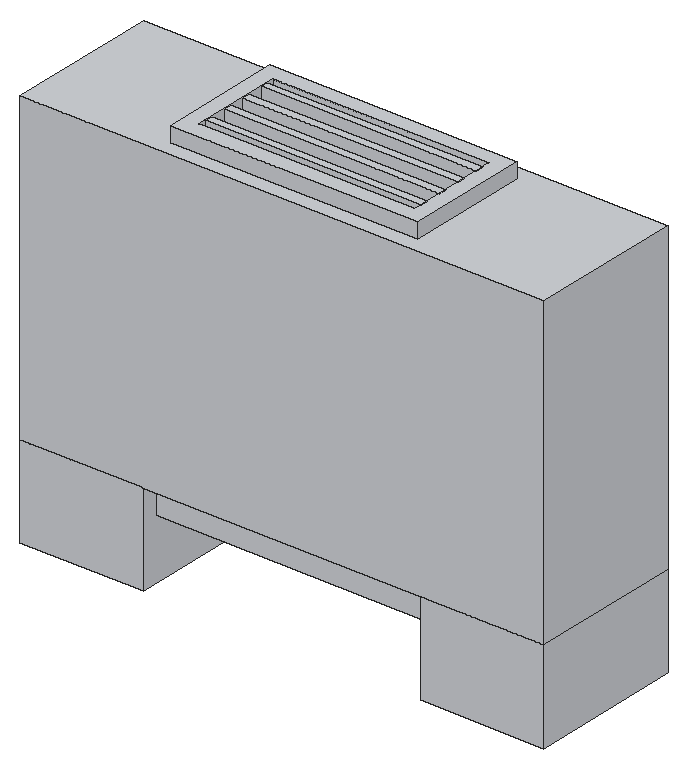
Revit family "M_Unidade de serpentina do ventilador - Vertical", category Equipamento mecânico, Revit 2019
Family settings
  Cota do conector redondo = Usar raio
  Tipo de parte = Normal
  Número OmniClass = 23.75.70.17.27
  Título OmniClass = Fan Coil Units
  ID de item do Seek = Fan Coil Unit - Vertical-0000-CAN-ENU
  Com base no plano de trabalho = Não
  Sempre na vertical = Sim
  Corte com vazios quando carregada = Não
  Compartilhado = Não
  Ponto de cálculo do ambiente = Não
Parameters (values of type "113 LPS")
  Voltagem = 120 V
  Material da unidade = none
  Queda de pressão [instance] = 23924.8 Pa
  Comprimento total = 863.6 mm
  Raio da saída = Diâmetro da saída / 2  # 7.5 mm
  Diâmetro da saída = Diâmetro da embocadura  # 15 mm
  Número de pólos = 1
  Classificação de carga = Refrigeração
  Comprimento 1 = (Comprimento total - Comprimento da grelha - 50.8 mm) / 2  # 228.6 mm
  Raio da embocadura = Diâmetro da embocadura / 2  # 7.5 mm
  Diâmetro da embocadura = 15 mm
  Comprimento da grelha = 355.6 mm
  Fluxo [instance] = 0.07 L/s
  Fluxo da drenagem [instance] = 0.0 L/s
  Carga aparente = 1000 VA
Types (8, lengths in mm): name | Queda de pressão | Comprimento total | Comprimento 1 | Comprimento da grelha | Fluxo | Carga aparente
  (no name) | 23924.8 Pa | 863.6 | 228.6 | 355.6 | 0.07 L/s | 1000 VA
  113 LPS | 23924.8 Pa | 863.6 | 228.6 | 355.6 | 0.07 L/s | 1000 VA
  150 LPS | 39024.3 Pa | 863.6 | 228.6 | 355.6 | 0.08 L/s | 1000 VA
  183 LPS | 12686.3 Pa | 1016 | 228.6 | 508 | 0.11 L/s | 2000 VA
  291 LPS | 42127.0 Pa | 1219.2 | 228.6 | 711.2 | 0.18 L/s | 2000 VA
  376 LPS | 15720.0 Pa | 1473.2 | 203.2 | 1016 | 0.2 L/s | 2000 VA
  470 LPS | 29785.3 Pa | 1930.4 | 203.2 | 1473.2 | 0.28 L/s | 3000 VA
  522 LPS | 46194.9 Pa | 1930.4 | 203.2 | 1473.2 | 0.33 L/s | 3000 VA
Reference planes
  plane 1 "Centro (Frente/Trás)": y = 0
  plane 2: z = 0
  plane 3 "Centro (Esquerda/Direita)": x = 0
  plane 4: y = 254
  plane 5: x = 863.6
  plane 6: z = 152.4
  plane 7: z = 660.4
  plane 8: z = 685.8
  plane 9: x = 203.2
  plane 10: x = 660.4
  plane 11: y = 228.6
  plane 12: y = 25.4
  plane 13: z = 101.6
  plane 14: x = 228.6
  plane 15: x = 635
  plane 16: x = 254
  plane 17: x = 609.6
  plane 18: y = 203.2
  plane 19: y = 50.8
  plane 20: y = 177.8
  plane 21: y = 139.7
  plane 22: y = 101.6
  plane 23: y = 152.4
  plane 24: y = 114.3
  plane 25: y = 76.2
  plane 26: y = 63.5
  plane 27: y = 190.5
  plane 28: z = 554.037
  plane 29: z = 520.7
  plane 30: z = 30.162
  plane 31: y = 203.2
  plane 32: y = 134.937
  plane 33: y = 111.125
  plane 34: x = 3.175
Forms (mm)
  Extrusion 1, solid, material <- "Material da unidade"
    sketch origin (0, 0, 0) x (1, 0, 0) y (0, 1, 0)
      loop
        line (0, 254) -> (0, 0) -> (863.6, 0) -> (863.6, 254) -> (0, 254)
    from 152.4 to 660.4
  Extrusion 2, solid, material <- "Material da unidade"
    sketch origin (0, 0, 0) x (1, 0, 0) y (0, 1, 0)
      loop
        line (0, 254) -> (0, 0) -> (203.2, 0) -> (203.2, 254) -> (0, 254)
      loop
        line (660.4, 254) -> (660.4, 0) -> (863.6, 0) -> (863.6, 254) -> (660.4, 254)
    from 152.4 to 0
  Extrusion 3, solid, material <- "Material da unidade", detail levels fine
    sketch origin (0, 0, 0) x (1, 0, 0) y (0, 1, 0)
      loop
        line (203.2, 228.6) -> (203.2, 25.4) -> (660.4, 25.4) -> (660.4, 228.6) -> (203.2, 228.6)
    from 101.6 to 152.4
  Extrusion 4, solid, material <- "Material da unidade"
    sketch origin (0, 0, 0) x (1, 0, 0) y (0, 1, 0)
      loop
        line (228.6, 228.6) -> (228.6, 25.4) -> (635, 25.4) -> (635, 228.6) -> (228.6, 228.6)
      loop
        line (254, 203.2) -> (254, 50.8) -> (609.6, 50.8) -> (609.6, 203.2) -> (254, 203.2)
    from 660.4 to 685.8
  Extrusion 5, solid, material <- "Material da unidade", detail levels fine
    sketch origin (0, 0, 0) x (1, 0, 0) y (0, 1, 0)
      loop
        line (254, 190.5) -> (254, 177.8) -> (609.6, 177.8) -> (609.6, 190.5) -> (254, 190.5)
      loop
        line (254, 152.4) -> (254, 139.7) -> (609.6, 139.7) -> (609.6, 152.4) -> (254, 152.4)
      loop
        line (254, 114.3) -> (254, 101.6) -> (609.6, 101.6) -> (609.6, 114.3) -> (254, 114.3)
      loop
        line (254, 76.2) -> (254, 63.5) -> (609.6, 63.5) -> (609.6, 76.2) -> (254, 76.2)
    from 660.4 to 685.8
  Extrusion 6, void
    sketch origin (0, 0, 0) x (0, 1, 0) y (0, 0, 1)
      loop
        circle (203.2, 30.162) r 9.525
    from 3.175 to 0
  Extrusion 7, void
    sketch origin (0, 0, 0) x (0, 1, 0) y (0, 0, 1)
      loop
        circle (111.125, 520.7) r 7.5
    from 0 to 3.175
  Extrusion 8, void
    sketch origin (0, 0, 0) x (0, 1, 0) y (0, 0, 1)
      loop
        circle (134.937, 554.037) r 7.5
    from 0 to 3.175
Cuts and joins
  Extrusion 6, Extrusion 7, Extrusion 8 cuts Extrusion 1
  Extrusion 6 cuts Extrusion 2
Dimensions and locks
  locked: plane 4 to plane 1 "Centro (Frente/Trás)" at 254
  "Comprimento total": plane 3 "Centro (Esquerda/Direita)" to plane 5
  locked: plane 6 to plane 2 at 152.4
  locked: plane 7 to plane 6 at 508
  locked: plane 8 to plane 7 at 25.4
  locked: plane 3 "Centro (Esquerda/Direita)" to plane 9 at 203.2
  locked: plane 10 to plane 5 at 203.2
  locked: plane 4 to plane 11 at 25.4
  locked: plane 1 "Centro (Frente/Trás)" to plane 12 at 25.4
  locked: plane 6 to plane 13 at 50.8
  locked: plane 14 to plane 16 at 25.4
  locked: plane 17 to plane 15 at 25.4
  locked: plane 11 to plane 18 at 25.4
  locked: plane 12 to plane 19 at 25.4
  locked: plane 18 to plane 27 at 12.7
  locked: plane 27 to plane 20 at 12.7
  locked: plane 20 to plane 23 at 25.4
  locked: plane 21 to plane 23 at 12.7
  locked: plane 24 to plane 21 at 25.4
  locked: plane 24 to plane 22 at 12.7
  locked: plane 22 to plane 25 at 25.4
  locked: plane 25 to plane 26 at 12.7
  locked: plane 7 to plane 28 at 106.362
  locked: plane 7 to plane 29 at 139.7
  locked: plane 30 to plane 2 at 30.162
  locked: plane 4 to plane 31 at 50.8
  locked: plane 4 to plane 32 at 119.062
  locked: plane 33 to plane 1 "Centro (Frente/Trás)" at 111.125
  locked: plane 3 "Centro (Esquerda/Direita)" to plane 34 at 3.175
  "Comprimento da grelha": plane 16 to plane 17
  "Comprimento 1": plane 3 "Centro (Esquerda/Direita)" to plane 14
  "Raio da saída": radius of Extrusion 7 sketch curve
  "Raio da embocadura": radius of Extrusion 8 sketch curve
  radius of Extrusion 6 sketch curve = 9.525 mm
  aligned and locked: plane 4 to Extrusion 1
  aligned and locked: Extrusion 1 to plane 3 "Centro (Esquerda/Direita)"
  aligned and locked: plane 5 to Extrusion 1
  aligned and locked: plane 1 "Centro (Frente/Trás)" to Extrusion 1
  aligned and locked: Extrusion 1 to plane 6
  aligned and locked: plane 7 to Extrusion 1
  aligned and locked: plane 4 to Extrusion 2  (x2)
  aligned and locked: Extrusion 2 to plane 3 "Centro (Esquerda/Direita)"
  aligned and locked: plane 1 "Centro (Frente/Trás)" to Extrusion 2  (x2)
  aligned and locked: plane 9 to Extrusion 2
  aligned and locked: Extrusion 2 to plane 10
  aligned and locked: plane 5 to Extrusion 2
  aligned and locked: Extrusion 1 to Extrusion 2
  aligned and locked: Extrusion 2 to level
  aligned and locked: plane 9 to Extrusion 3 sketch curve
  aligned and locked: Extrusion 3 sketch curve to plane 11
  aligned and locked: plane 12 to Extrusion 3 sketch curve
  aligned and locked: Extrusion 3 sketch curve to plane 10
  aligned and locked: Extrusion 3 to plane 13
  aligned and locked: Extrusion 3 to Extrusion 1
  aligned and locked: plane 14 to Extrusion 4 sketch curve
  aligned and locked: Extrusion 4 sketch curve to plane 11
  aligned and locked: plane 12 to Extrusion 4 sketch curve
  aligned and locked: Extrusion 4 sketch curve to plane 15
  aligned and locked: plane 16 to Extrusion 4 sketch curve
  aligned and locked: Extrusion 4 sketch curve to plane 18
  aligned and locked: plane 19 to Extrusion 4 sketch curve
  aligned and locked: Extrusion 4 sketch curve to plane 17
  aligned and locked: plane 8 to Extrusion 4
  aligned and locked: Extrusion 4 to Extrusion 1
  aligned and locked: plane 16 to Extrusion 5 sketch curve  (x4)
  aligned and locked: Extrusion 5 sketch curve to plane 27
  aligned and locked: plane 20 to Extrusion 5 sketch curve
  aligned and locked: Extrusion 5 sketch curve to plane 17  (x4)
  aligned and locked: plane 23 to Extrusion 5 sketch curve
  aligned and locked: plane 21 to Extrusion 5 sketch curve
  aligned and locked: Extrusion 5 sketch curve to plane 24
  aligned and locked: plane 22 to Extrusion 5 sketch curve
  aligned and locked: Extrusion 5 sketch curve to plane 25
  aligned and locked: plane 26 to Extrusion 5 sketch curve
  aligned and locked: plane 8 to Extrusion 5
  aligned and locked: Extrusion 5 to Extrusion 1
  aligned and locked: plane 18 to Extrusion 6 sketch curve
  aligned and locked: plane 30 to Extrusion 6 sketch curve
  aligned and locked: Extrusion 6 to plane 34
  aligned and locked: Extrusion 6 to plane 3 "Centro (Esquerda/Direita)"
  aligned and locked: plane 33 to Extrusion 7 sketch curve
  aligned and locked: plane 29 to Extrusion 7 sketch curve
  aligned and locked: Extrusion 7 to plane 3 "Centro (Esquerda/Direita)"
  aligned and locked: plane 34 to Extrusion 7
  aligned and locked: Extrusion 8 sketch curve to plane 32
  aligned and locked: plane 28 to Extrusion 8 sketch curve
  aligned and locked: Extrusion 8 to plane 3 "Centro (Esquerda/Direita)"
  aligned and locked: plane 34 to Extrusion 8
Automatic sketch dimensions
  Extrusion 1 sketch curve to plane 3 "Centro (Esquerda/Direita)" = 0 mm
  plane 5 to Extrusion 1 sketch curve = 0 mm
  plane 1 "Centro (Frente/Trás)" to Extrusion 1 sketch curve = 0 mm
  plane 4 to Extrusion 1 sketch curve = 0 mm
  Extrusion 2 sketch curve to plane 3 "Centro (Esquerda/Direita)" = 0 mm
  plane 9 to Extrusion 2 sketch curve = 0 mm
  Extrusion 2 sketch curve to plane 10 = 0 mm
  plane 5 to Extrusion 2 sketch curve = 0 mm
  plane 1 "Centro (Frente/Trás)" to Extrusion 2 sketch curve = 0 mm  (x2)
  plane 4 to Extrusion 2 sketch curve = 0 mm  (x2)
  Extrusion 5 sketch curve to plane 26 = 0 mm
Connectors
  piping at (3.175, 134.937, 554.037), diameter 15, driven by "Fluxo", driven by "Raio da embocadura"
    settings: on cut or joined group of Extrusion 1, Extrusion 6, Extrusion 7, Extrusion 8, index 1, connector inside diameter 15 mm, connector length 0 mm, flow factor 0, pipe flow 0.07 L/s, pressure drop 0.0 Pa, fitting loss kfactor 0, connector angle 0.00°, fixture units 0, engagement length 0 mm, angle of deflection 0.00°, flow configuration 1, flow direction 1, fitting loss method 4, system type 7, joint type 0, gender type 0, connector reference index 2, connector utility 0, adjustable connector no, is connector primary yes, connector description "Entrada de água resfriada"
  piping at (3.175, 111.125, 520.7), diameter 15, driven by "Fluxo", driven by "Queda de pressão", driven by "Raio da saída"
    settings: on cut or joined group of Extrusion 1, Extrusion 6, Extrusion 7, Extrusion 8, index 2, connector inside diameter 15 mm, connector length 0 mm, flow factor 0, pipe flow 0.07 L/s, pressure drop 23924.8 Pa, fitting loss kfactor 0, connector angle 0.00°, fixture units 0, engagement length 0 mm, angle of deflection 0.00°, flow configuration 1, flow direction 2, fitting loss method 4, system type 8, joint type 0, gender type 0, connector reference index 1, connector utility 0, adjustable connector no, is connector primary no, connector description "Saída de água resfriada"
  piping at (3.175, 203.2, 30.162), diameter 19.05, driven by "Fluxo da drenagem"
    settings: on cut or joined group of Extrusion 2, Extrusion 6, index 3, connector inside diameter 19.05 mm, connector length 0 mm, flow factor 0, pipe flow 0.0 L/s, pressure drop 0.0 Pa, fitting loss kfactor 0, connector angle 0.00°, fixture units 0, engagement length 0 mm, angle of deflection 0.00°, flow configuration 1, flow direction 2, fitting loss method 0, system type 16, joint type 0, gender type 0, connector reference index -1, connector utility 0, adjustable connector yes, is connector primary no, connector description "Saída da drenagem"
  electrical at (863.6, 127, 406.4), driven by "Carga aparente", driven by "Voltagem", driven by "Número de pólos", driven by "Classificação de carga"
    settings: on cut or joined group of Extrusion 1, Extrusion 6, Extrusion 7, Extrusion 8, index 4, voltage 120 V, apparent load 1000 VA, apparent load phase1 0 VA, apparent load phase2 0 VA, apparent load phase3 0 VA, power factor 0.8, load classification "Refrigeração", number of poles 1, system type 30, power factor state 1, is connector primary yes, connector utility no, sub classification motor no, connector description ""
